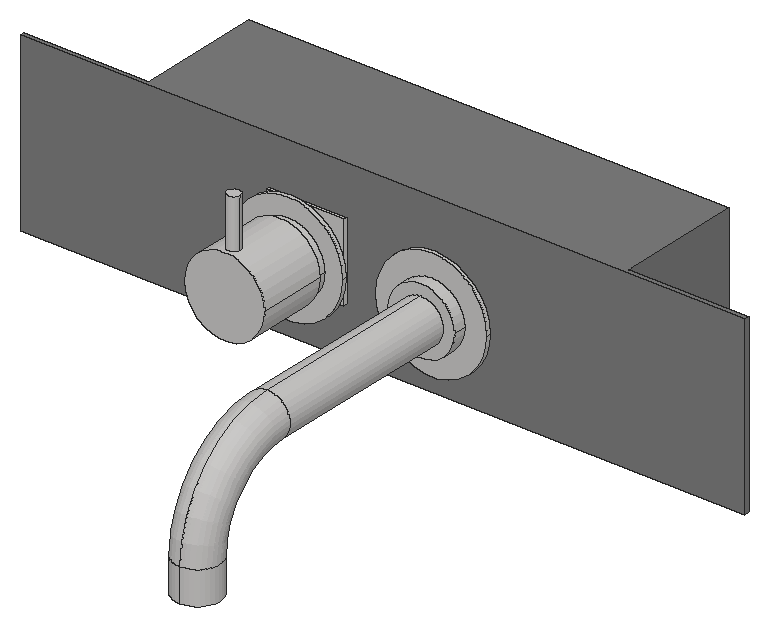
Revit family "2111C", category Plumbing Fixtures, Revit 2021
Family settings
  Round Connector Dimension = Use Diameter
  Part Type = Normal
  Work Plane-Based = No
  Always vertical = Yes
  Cut with Voids When Loaded = No
  Shared = No
  Room Calculation Point = No
Parameters
  e-mail = "info@vola.com"
  URL = "http://vola.com"
  Telephone = "+45 7023 5500"
  Quality management standard = "ISO 9001"
  Organisation no. / DUNS no. = "17531328"
  Occupational health and safety management standard = "ISO 18001"
  Mounting Instructions = "http://vola.com/service/producturl.ashx?name=2111C"
  Model = "2111C"
  Mixer Offset [instance] = 12.00 mm
  Mixer = yes
  Materials and components information = "http://vola.com/service/producturl.ashx?name=2111C"
  Manufacturer = "VOLA A/S"
  Maintenance Instructions = "http://vola.com/service/producturl.ashx?name=2111C"
  Guarantee = "2 years"
  Flow = "30,00 l/min"
  Environmental management standard = "ISO 14000"
  Default Elevation = 0.00 mm
  Connection - All relevant connections = "½\" for water connection"
  Approvals = "http://vola.com/service/producturl.ashx?name=2111C"
Reference planes
  plane 1 "Center (Front/Back)": y = 0
  plane 2: z = 0
  plane 3 "Center (Left/Right)": x = 0
  plane 4 "Mixer plane": y = 12
  plane 5 "Wall Surface": y = 0
Forms (mm)
  Extrusion 1, solid, material "Stainless Steel", visible <- "Mixer"
    sketch origin (16.5, 10, 0) x (0, 0, 1) y (-1, 0, 0)
      loop
        circle (0, 16.5) r 16.5
    from 0 to 10
  Extrusion 2, solid, material "Stainless Steel", visible <- "Mixer"
    sketch origin (-99, 10, 21) x (-1, 0, 0) y (0, 0, -1)
      loop
        circle (-21, 21) r 19.5
    from 0 to 10
Dimensions and locks
  "Mixer Offset": plane 4 "Mixer plane" to plane 1 "Center (Front/Back)"
  aligned and locked: plane 2 to level
  aligned and locked: nested 1 to plane 4 "Mixer plane"
  aligned and locked: plane 1 "Center (Front/Back)" to Extrusion 1
  aligned and locked: plane 1 "Center (Front/Back)" to Extrusion 2
Automatic sketch dimensions
  Extrusion 2 sketch curve to nested 1 = 21.00 mm  (x2)
  radius of Extrusion 1 sketch curve to nested 1 = 0.00 mm
  radius of Extrusion 2 sketch curve = 19.50 mm
Nested families
  nested 1: "2100" at (-39, 82.5, -70), visible <- "Mixer", type "2100"
  nested 2: "010C" at (0, -2, 0), type "010C"
  nested 3: "NR21" at (-78, -2, 0), type "NR21"
  nested 4: "001" at (0, 0, 0) x (1, 0, 0) z (0, -1, 0), type "001"
  nested 5: "2001" at (-78, 0, 0) x (1, 0, 0) z (0, -1, 0), type "2001"
Connectors
  piping at (-105, 57.5, -70), diameter 28
    settings: on nested 1, index 1, connector inside diameter 1.10236", connector length 0.00 mm, flow factor 0, pipe flow 0 GPM, pressure drop 0.00 psi, fitting loss kfactor 0, connector angle 0.00°, fixture units 0, engagement length 0.00 mm, angle of deflection 0.00°, flow configuration 0, flow direction 1, fitting loss method 0, system type 19, joint type 0, gender type 0, connector reference index -1, connector utility 0, adjustable connector no, is connector primary yes, connector description ""
  piping at (-51, 57.5, -70), diameter 28
    settings: on nested 1, index 2, connector inside diameter 1.10236", connector length 0.00 mm, flow factor 0, pipe flow 0 GPM, pressure drop 0.00 psi, fitting loss kfactor 0, connector angle 0.00°, fixture units 0, engagement length 0.00 mm, angle of deflection 0.00°, flow configuration 0, flow direction 1, fitting loss method 0, system type 20, joint type 0, gender type 0, connector reference index -1, connector utility 0, adjustable connector no, is connector primary no, connector description ""
Definition of nested family "2100"
  Parameters
    e-mail = "info@vola.com"
    URL = "http://vola.com"
    Telephone = "+45 7023 5500"
    Quality management standard = "ISO 9001"
    Organisation no. / DUNS no. = "17531328"
    Occupational health and safety management standard = "ISO 18001"
    Mounting Instructions = "http://vola.com/service/producturl.ashx?name=2100"
    Model = "2100"
    Materials and components information = "http://vola.com/service/producturl.ashx?name=2100"
    Manufacturer = "VOLA A/S"
    Maintenance Instructions = "http://vola.com/service/producturl.ashx?name=2100"
    Guarantee = "2 years"
    Flow = "25,00 l/min"
    Environmental management standard = "ISO 14000"
    Default Elevation = 0.00 mm
    Connection - All relevant connections = ""
    Approvals = "http://vola.com/service/producturl.ashx?name=2100"
  Reference planes
    plane 1 "Center (Front/Back)": y = 0
    plane 2: z = 0
    plane 3 "Center (Left/Right)": x = 0
    plane 4: z = 70
    plane 5: y = -72.5
    plane 6: y = -25
  Forms (mm)
    Extrusion 1, solid
      sketch origin (0, 0, 1) x (1, 0, 0) y (0, 0, 1)
        loop
          circle (39, 69) r 16.5
      from 70.5 to 72.5
    Extrusion 2, solid
      sketch origin (1032.5, -2.5, 1) x (-1, 0, 0) y (0, 0, -1)
        loop
          line (1092.5, -90) -> (1092.5, -48) -> (1050.5, -48) -> (1050.5, -90) -> (1092.5, -90)
      from 68 to 70
    Extrusion 3, solid
      sketch origin (0, 0, 1) x (1, 0, 0) y (0, 1, 0)
        loop
          line (-127.5, 0) -> (-127.5, -68) -> (132.5, -68) -> (132.5, 0) -> (-127.5, 0)
      from 21.5 to 116.5
    Extrusion 4, solid
      sketch origin (0, 0, 22.5) x (0, 1, 0) y (1, 0, 0)
        loop
          circle (-25, -12) r 14
      from 0 to 22.5
    Extrusion 5, solid
      sketch origin (-54, 0, 22.5) x (0, 1, 0) y (1, 0, 0)
        loop
          circle (-25, -12) r 14
      from 0 to 22.5
    Extrusion 6, solid
      sketch origin (0, 0, 0) x (1, 0, 0) y (0, 1, 0)
        loop
          line (-195, -68) -> (-195, -70.5) -> (197.5, -70.5) -> (197.5, -68) -> (-195, -68)
      from 22.5 to 117.5
  Cuts and joins
    joined: Extrusion 3, Extrusion 6
  Lines and regions (mm)
    reference lines
      curve 1: line (-39, -25, 70) -> (-39, -122.5, 70)
      curve 2: line (39, -25, 70) -> (39, -122.5, 70)
      curve 3: line (-66, -25, 70) -> (-66, -25, -29)
      curve 4: line (-12, -25, 70) -> (-12, -25, -29)
  Dimensions and locks
    aligned and locked: plane 2 to level
    aligned and locked: Extrusion 3 to Extrusion 6
    aligned and locked: Extrusion 6 to Extrusion 3
Definition of nested family "010C"
  Parameters
    e-mail = "info@vola.com"
    URL = "http://vola.com"
    Telephone = "+45 7023 5500"
    Quality management standard = "ISO 9001"
    Organisation no. / DUNS no. = "17531328"
    Occupational health and safety management standard = "ISO 18001"
    Mounting Instructions = "http://vola.com/service/producturl.ashx?name=010C"
    Model = "010C"
    Materials and components information = "http://vola.com/service/producturl.ashx?name=010C"
    Manufacturer = "VOLA A/S"
    Maintenance Instructions = "http://vola.com/service/producturl.ashx?name=010C"
    Guarantee = "2 years"
    Environmental management standard = "ISO 14000"
    Default Elevation = 0.00 mm
    Connection - All relevant connections = ""
    Approvals = "http://vola.com/service/producturl.ashx?name=010C"
  Reference planes
    plane 1 "Center (Front/Back)": y = 0
    plane 2: z = 0
    plane 3 "Center (Left/Right)": x = 0
  Forms (mm)
    Extrusion 1, solid
      sketch origin (0, 0, 0) x (1, 0, 0) y (0, 0, 1)
        loop
          circle (0, 0) r 18
      from 0 to 7
    Sweep 2, solid
      path origin (0, 10, 0) x (0, 1, 0) y (0, 0, 1)
        loop
          arc (-168.5, -47.5) -> (-154.588, -13.912) -> (-121, 0) r 47.5
          line (-121, 0) -> (-17, 0)
      profile origin (0, -59, 0) x (0, 0, 1) y (1, 0, 0)
        loop
          circle (0, 0) r 12
    Extrusion 3, solid
      sketch origin (0, -158.5, -47.5) x (1, 0, 0) y (0, -1, 0)
        loop
          circle (0, 0) r 12
      from 0 to 18
  Dimensions and locks
    aligned and locked: plane 2 to level
Definition of nested family "NR21"
  Parameters
    e-mail = "info@vola.com"
    URL = "http://vola.com"
    Telephone = "+45 7023 5500"
    Quality management standard = "ISO 9001"
    Organisation no. / DUNS no. = "17531328"
    Occupational health and safety management standard = "ISO 18001"
    Mounting Instructions = "http://vola.com/service/producturl.ashx?name=NR21"
    Model = "NR21"
    Materials and components information = "http://vola.com/service/producturl.ashx?name=NR21"
    Manufacturer = "VOLA A/S"
    Maintenance Instructions = "http://vola.com/service/producturl.ashx?name=NR21"
    Guarantee = "2 years"
    Environmental management standard = "ISO 14000"
    Default Elevation = 0.00 mm
    Connection - All relevant connections = ""
    Approvals = "http://vola.com/service/producturl.ashx?name=NR21"
  Reference planes
    plane 1 "Center (Front/Back)": y = 0
    plane 2: z = 0
    plane 3 "Center (Left/Right)": x = 0
  Forms (mm)
    Extrusion 1, solid
      sketch origin (0, 0, 0) x (1, 0, 0) y (0, 0, 1)
        loop
          circle (0, 0) r 21.5
      from 5 to 42.5
    Extrusion 2, solid
      sketch origin (0, -2, 0) x (0, -1, 0) y (1, 0, 0)
        loop
          circle (34.5, 0) r 3.5
      from 0 to 47.5
    Extrusion 3, solid
      sketch origin (0, 0, 0) x (1, 0, 0) y (0, 0, 1)
        loop
          circle (0, 0) r 20
      from 0 to 5
  Cuts and joins
    joined: Extrusion 1, Extrusion 2
  Lines and regions (mm)
    model lines
      curve 1: line (-6.05, -42.5, 20.663) -> (-6.05, -42.5, -20.663)
      curve 2: line (6.05, -42.5, 20.663) -> (6.05, -42.5, -20.663)
  Dimensions and locks
    aligned and locked: plane 2 to level
Definition of nested family "001"
  Parameters
    e-mail = "info@vola.com"
    URL = "http://vola.com"
    Telephone = "+45 7023 5500"
    Quality management standard = "ISO 9001"
    Organisation no. / DUNS no. = "17531328"
    Occupational health and safety management standard = "ISO 18001"
    Mounting Instructions = "http://vola.com/service/producturl.ashx?name=001"
    Model = "001"
    Materials and components information = "http://vola.com/service/producturl.ashx?name=001"
    Manufacturer = "VOLA A/S"
    Maintenance Instructions = "http://vola.com/service/producturl.ashx?name=001"
    Guarantee = "2 years"
    Environmental management standard = "ISO 14000"
    Default Elevation = 1219.20 mm
    Connection - All relevant connections = ""
    Approvals = "http://vola.com/service/producturl.ashx?name=001"
  Reference planes
    plane 1 "Center (Front/Back)": y = 0
    plane 2: z = 0
    plane 3 "Center (Left/Right)": x = 0
  Forms (mm)
    Extrusion 1, solid
      sketch origin (0, 0, 0) x (1, 0, 0) y (0, 1, 0)
        loop
          circle (0, 0) r 16.5
        loop
          circle (0, 0) r 30
      from 0 to 2
  Dimensions and locks
    aligned and locked: plane 2 to level
Definition of nested family "2001"
  Parameters
    e-mail = "info@vola.com"
    URL = "http://vola.com"
    Telephone = "+45 7023 5500"
    Quality management standard = "ISO 9001"
    Organisation no. / DUNS no. = "17531328"
    Occupational health and safety management standard = "ISO 18001"
    Mounting Instructions = "http://vola.com/service/producturl.ashx?name=2001"
    Model = "2001"
    Materials and components information = "http://vola.com/service/producturl.ashx?name=2001"
    Manufacturer = "VOLA A/S"
    Maintenance Instructions = "http://vola.com/service/producturl.ashx?name=2001"
    Guarantee = "2 years"
    Environmental management standard = "ISO 14000"
    Default Elevation = 1219.20 mm
    Connection - All relevant connections = ""
    Approvals = "http://vola.com/service/producturl.ashx?name=2001"
  Reference planes
    plane 1 "Center (Front/Back)": y = 0
    plane 2: z = 0
    plane 3 "Center (Left/Right)": x = 0
  Forms (mm)
    Extrusion 1, solid
      sketch origin (0, 0, 0) x (1, 0, 0) y (0, 1, 0)
        loop
          circle (0, 0) r 19.5
        loop
          circle (0, 0) r 30
      from 0 to 2
  Dimensions and locks
    aligned and locked: plane 2 to level
